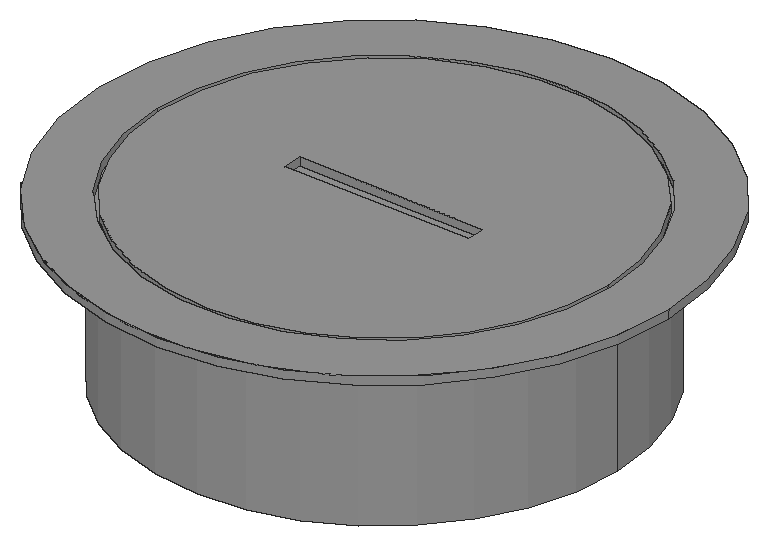
Revit family "Tubus mit Griffbügel", category Generic Models, Revit 2015
Parameters (values of type "GES R2T Ni")
  URL = "http://www.obo-bettermann.com"
  Radius = 56 mm
  Material = Nickel-Copper Alloy 400
  Manufacturer Art.No. = "7408860"
  Manufacturer = "OBO Bettermann"
  Height 1 = 38 mm
  Height = 40 mm
  GTIN = "4012196458981"
  Diameter 1 = 115 mm
  Diameter = 140 mm
  Article Type = "GES R2T Ni"
Types (5, lengths in mm): name | Material | Manufacturer Art.No. | GTIN | Article Type
  (no name) | Nickel-Copper Alloy 400 | "7408860" | "4012196458981" | "GES R2T Ni"
  GES R2T Ni | Nickel-Copper Alloy 400 | "7408860" | "4012196458981" | "GES R2T Ni"
  GES R2T CuZn | Brass | "7408862" | "4012196459049" | "GES R2T CuZn"
  GES R2T Cu | Copper | "7408864" | "4012196459063" | "GES R2T Cu"
  GES R2T Cr | Steel, Chrome Plated | "7408866" | "4012196459124" | "GES R2T Cr"
Reference planes
  plane 1 "Center (Front/Back)": y = 0
  plane 2: z = 0
  plane 3 "Center (Left/Right)": x = 0
  plane 4: z = 38
  plane 5: z = 40
  plane 6: z = 37.8
Forms (mm)
  Extrusion 1, solid, material "Zinc"
    sketch origin (0, 0, 0) x (1, 0, 0) y (0, 1, 0)
      loop
        circle (0, 0) r 57.5
    from 0 to 38
  Extrusion 2, solid, material "Nickel-Copper Alloy 400" <- "Material"
    sketch origin (0, 0, 0) x (1, 0, 0) y (0, 1, 0)
      loop
        circle (0, 0) r 70
    from 38 to 40
  Extrusion 3, void
    sketch origin (0, 0, 0) x (1, 0, 0) y (0, 1, 0)
      loop
        circle (0, 0) r 56
      loop
        circle (0, 0) r 55
    from 38 to 40
  Extrusion 4, void
    sketch origin (0, 0, 0) x (1, 0, 0) y (0, 1, 0)
      loop
        line (-22.65, 2.35) -> (-22.65, -2.35) -> (22.65, -2.35) -> (22.65, 2.35) -> (-22.65, 2.35)
    from 38 to 40
Cuts and joins
  Extrusion 3, Extrusion 4 cuts Extrusion 1
  Extrusion 3, Extrusion 4 cuts Extrusion 2
Dimensions and locks
  "Height 1": plane 4 to level
  "Height": plane 5 to level
  locked: plane 5 to plane 6 at 2.2
  locked: Extrusion 4 sketch curve to Extrusion 4 sketch curve at 45.3
  equal spacing: Extrusion 4 sketch curve, plane 3 "Center (Left/Right)", Extrusion 4 sketch curve, locked at 22.65 each
  locked: Extrusion 4 sketch curve to Extrusion 4 sketch curve at 4.7
  equal spacing: Extrusion 4 sketch curve, plane 1 "Center (Front/Back)", Extrusion 4 sketch curve, locked at 2.35 each
  "Diameter 1": diameter of Extrusion 1 sketch curve
  "Diameter": diameter of Extrusion 2 sketch curve
  "Radius": radius of Extrusion 3 sketch curve
  aligned and locked: level to plane 2
  aligned and locked: plane 4 to Extrusion 1
  aligned and locked: plane 5 to Extrusion 2
  aligned and locked: Extrusion 2 to Extrusion 1
  aligned and locked: Extrusion 3 to Extrusion 1
  aligned and locked: plane 5 to Extrusion 3
  aligned and locked: Extrusion 4 to Extrusion 1
  aligned and locked: plane 5 to Extrusion 4
Automatic sketch dimensions
  plane 1 "Center (Front/Back)" to Extrusion 1 sketch curve = 0 mm
  Extrusion 1 sketch curve to plane 3 "Center (Left/Right)" = 0 mm
  plane 1 "Center (Front/Back)" to Extrusion 2 sketch curve = 0 mm
  Extrusion 2 sketch curve to plane 3 "Center (Left/Right)" = 0 mm
  plane 1 "Center (Front/Back)" to Extrusion 3 sketch curve = 0 mm
  Extrusion 3 sketch curve to plane 3 "Center (Left/Right)" = 0 mm
  Extrusion 3 sketch curve to Extrusion 3 sketch curve = 0 mm  (x2)
  radius of Extrusion 3 sketch curve = 55 mm
